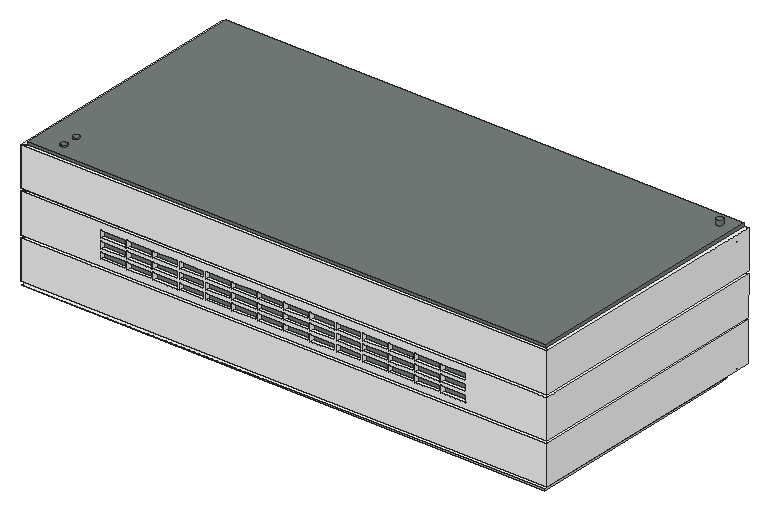
Revit family "AM 800 HC", category Mechanical Equipment, Revit 2019
Family settings
  Round Connector Dimension = Use Diameter
  Part Type = Normal
  OmniClass Number = 23.75.00.00
  OmniClass Title = Climate Control (HVAC)
  Work Plane-Based = No
  Always vertical = Yes
  Cut with Voids When Loaded = No
  Shared = No
  Room Calculation Point = No
Parameters
  Weight (Standard Unit) = 108  # constant formula
  Water Heater Surface Return = 10 mm  # constant formula
  Water Heater Surface IN = 10 mm  # constant formula
  URL = "www.airmaster-as.com"
  Total Width = 1910 mm  # constant formula
  Total Hight = 474 mm  # constant formula
  T-C Duct Exhaust = 252 mm  # constant formula
  T-C Duct Supply = 252 mm  # constant formula
  Suply Air In = 315 mm  # constant formula
  Sidepanlen Middel R [instance] = yes
  Side Panel Top R [instance] = yes
  Side Panel Top L [instance] = yes
  Side Panel Middle L [instance] = yes
  Side Panel Buttom R [instance] = yes
  Side Panel Buttom L [instance] = yes
  R-C Duct Exhaust = 222 mm  # constant formula
  Phase 1 - Max Power Consumption = "4035 W"
  Phase 1 - Max Current = "12 A"
  Nominal current, electrical preheating surface = "6,5 A"
  Nominal current, electrical comfort heating surface = "4,4 A"
  Nominal current, air handling unit = "1,1 A"
  Network Conection = "AWG 24 CAT 5e STP"
  Model = "AM 800 HC"
  Max. flow rate 35 dB(A) with ePM10 80% filters = 580.00 m³  # constant formula
  Max. flow rate 35 dB(A) with ePM10 55% filters = 653.00 m³  # constant formula
  Max. flow rate 35 dB(A) with ePM10 50% filters = 725.00 m³  # constant formula
  Max. flow rate 30 dB(A) with ePM10 80% filters = 520.00 m³  # constant formula
  Max. flow rate 30 dB(A) with ePM10 55% filters = 585.00 m³  # constant formula
  Max. flow rate 30 dB(A) with ePM10 50% filters = 650.00 m³  # constant formula
  Manufacturer = "Airmaster A/S"
  Maintenance [instance] = no
  L-C Duct ESupply = 255 mm  # constant formula
  Exhaust Air = 315 mm  # constant formula
  Total Depth = 916 mm  # constant formula
  Electrical connection = "1 ~ 230 V / N / PE / 50 Hz"
  Drawn By = "LSB"
  Condensate = 9 mm  # constant formula
  Center Panel Buttom [instance] = yes
  Center Panel Top [instance] = yes
  Center Panel Middle [instance] = yes
  BMS Panel = "(PTS) 2x2x0,6"
  BMS Out = "(PTS) 2x2x0,6"
  BMS IN = "(PTS) 2x2x0,6"
  Airflow area [instance] = no
  Air flow area [instance] = Airflow
Reference planes
  plane 1 "Center (Front/Back)": y = 0
  plane 2: z = 0
  plane 3 "Center (Left/Right)": x = 0
  plane 4 "Center L/S": y = -916
  plane 5 "Center L/T": x = -955
  plane 6 "Center L/U": x = 955
  plane 7 "TOP": z = 474
  plane 8 "Center L/V": x = -940
  plane 9 "Center L/W": y = -901
  plane 10 "Center L/X": x = 940
  plane 11 "Panel Buttom": z = 23
  plane 12 "Panel Top": z = 164.5
  plane 13 "Hatch": z = 14.5
  plane 14 "Center L/Z": z = 173.414
  plane 15 "Center L/AA": z = 314.914
  plane 16 "Center L/BB": z = 324.414
  plane 17 "Center L/CC": z = 465.914
Forms (mm)
  Extrusion 1, solid, material "AM Grey"
    sketch origin (0, 0, 0) x (1, 0, 0) y (0, 1, 0)
      loop
        line (-940, 0) -> (-940, -901) -> (940, -901) -> (940, 0) -> (-940, 0)
    from 14.5 to 474
  Extrusion 2, solid, material "AM White", visible <- "Side Panel Buttom L"
    sketch origin (794.5, -1524, 23) x (0, -1, 0) y (-1, 0, 0)
      loop
        line (-1524, 1749.5) -> (-1524, 1734.5) -> (-623, 1734.5) -> (-608, 1749.5) -> (-1524, 1749.5)
    from 0 to -141.5
  Blend 3, solid, material "AM White"
    base sketch origin (-790.646, -1524, 14.5) x (0, -1, 0) y (1, 0, 0)
      loop
        line (-608, -157.387) -> (-608, 1738.657) -> (-1435.677, 1738.657) -> (-1435.677, -157.387) -> (-608, -157.387)
    top sketch origin (-790.646, -1524, 14.5) x (0, -1, 0) y (1, 0, 0)
      loop
        line (-623, -146.037) -> (-623, 1727.646) -> (-1424.161, 1727.646) -> (-1424.161, -146.037) -> (-623, -146.037)
    from 0 to -14.5
  Extrusion 4, void
    sketch origin (1055.25, -916, 173.414) x (1, 0, 0) y (0, 0, -1)
      loop
        line (-1717.75, -118) -> (-1627.75, -118) -> (-1627.75, -93) -> (-1717.75, -93) -> (-1717.75, -118)
      loop
        line (-1717.75, -83) -> (-1627.75, -83) -> (-1627.75, -58) -> (-1717.75, -58) -> (-1717.75, -83)
      loop
        line (-1717.75, -48) -> (-1627.75, -48) -> (-1627.75, -23) -> (-1717.75, -23) -> (-1717.75, -48)
      loop
        line (-1622.75, -118) -> (-1532.75, -118) -> (-1532.75, -93) -> (-1622.75, -93) -> (-1622.75, -118)
      loop
        line (-1622.75, -83) -> (-1532.75, -83) -> (-1532.75, -58) -> (-1622.75, -58) -> (-1622.75, -83)
      loop
        line (-1622.75, -48) -> (-1532.75, -48) -> (-1532.75, -23) -> (-1622.75, -23) -> (-1622.75, -48)
      loop
        line (-1527.75, -118) -> (-1437.75, -118) -> (-1437.75, -93) -> (-1527.75, -93) -> (-1527.75, -118)
      loop
        line (-1527.75, -83) -> (-1437.75, -83) -> (-1437.75, -58) -> (-1527.75, -58) -> (-1527.75, -83)
      loop
        line (-1527.75, -48) -> (-1437.75, -48) -> (-1437.75, -23) -> (-1527.75, -23) -> (-1527.75, -48)
      loop
        line (-1432.75, -118) -> (-1342.75, -118) -> (-1342.75, -93) -> (-1432.75, -93) -> (-1432.75, -118)
      loop
        line (-1432.75, -83) -> (-1342.75, -83) -> (-1342.75, -58) -> (-1432.75, -58) -> (-1432.75, -83)
      loop
        line (-1432.75, -48) -> (-1342.75, -48) -> (-1342.75, -23) -> (-1432.75, -23) -> (-1432.75, -48)
      loop
        line (-1337.75, -118) -> (-1247.75, -118) -> (-1247.75, -93) -> (-1337.75, -93) -> (-1337.75, -118)
      loop
        line (-1337.75, -83) -> (-1247.75, -83) -> (-1247.75, -58) -> (-1337.75, -58) -> (-1337.75, -83)
      loop
        line (-1337.75, -48) -> (-1247.75, -48) -> (-1247.75, -23) -> (-1337.75, -23) -> (-1337.75, -48)
      loop
        line (-1242.75, -118) -> (-1152.75, -118) -> (-1152.75, -93) -> (-1242.75, -93) -> (-1242.75, -118)
      loop
        line (-1242.75, -83) -> (-1152.75, -83) -> (-1152.75, -58) -> (-1242.75, -58) -> (-1242.75, -83)
      loop
        line (-1242.75, -48) -> (-1152.75, -48) -> (-1152.75, -23) -> (-1242.75, -23) -> (-1242.75, -48)
      loop
        line (-1147.75, -118) -> (-1057.75, -118) -> (-1057.75, -93) -> (-1147.75, -93) -> (-1147.75, -118)
      loop
        line (-1147.75, -83) -> (-1057.75, -83) -> (-1057.75, -58) -> (-1147.75, -58) -> (-1147.75, -83)
      loop
        line (-1147.75, -48) -> (-1057.75, -48) -> (-1057.75, -23) -> (-1147.75, -23) -> (-1147.75, -48)
      loop
        line (-1052.75, -118) -> (-962.75, -118) -> (-962.75, -93) -> (-1052.75, -93) -> (-1052.75, -118)
      loop
        line (-1052.75, -83) -> (-962.75, -83) -> (-962.75, -58) -> (-1052.75, -58) -> (-1052.75, -83)
      loop
        line (-1052.75, -48) -> (-962.75, -48) -> (-962.75, -23) -> (-1052.75, -23) -> (-1052.75, -48)
      loop
        line (-957.75, -118) -> (-867.75, -118) -> (-867.75, -93) -> (-957.75, -93) -> (-957.75, -118)
      loop
        line (-957.75, -83) -> (-867.75, -83) -> (-867.75, -58) -> (-957.75, -58) -> (-957.75, -83)
      loop
        line (-957.75, -48) -> (-867.75, -48) -> (-867.75, -23) -> (-957.75, -23) -> (-957.75, -48)
      loop
        line (-862.75, -118) -> (-772.75, -118) -> (-772.75, -93) -> (-862.75, -93) -> (-862.75, -118)
      loop
        line (-862.75, -83) -> (-772.75, -83) -> (-772.75, -58) -> (-862.75, -58) -> (-862.75, -83)
      loop
        line (-862.75, -48) -> (-772.75, -48) -> (-772.75, -23) -> (-862.75, -23) -> (-862.75, -48)
      loop
        line (-767.75, -118) -> (-677.75, -118) -> (-677.75, -93) -> (-767.75, -93) -> (-767.75, -118)
      loop
        line (-767.75, -83) -> (-677.75, -83) -> (-677.75, -58) -> (-767.75, -58) -> (-767.75, -83)
      loop
        line (-767.75, -48) -> (-677.75, -48) -> (-677.75, -23) -> (-767.75, -23) -> (-767.75, -48)
      loop
        line (-672.75, -118) -> (-582.75, -118) -> (-582.75, -93) -> (-672.75, -93) -> (-672.75, -118)
      loop
        line (-672.75, -83) -> (-582.75, -83) -> (-582.75, -58) -> (-672.75, -58) -> (-672.75, -83)
      loop
        line (-672.75, -48) -> (-582.75, -48) -> (-582.75, -23) -> (-672.75, -23) -> (-672.75, -48)
      loop
        line (-577.75, -118) -> (-487.75, -118) -> (-487.75, -93) -> (-577.75, -93) -> (-577.75, -118)
      loop
        line (-577.75, -83) -> (-487.75, -83) -> (-487.75, -58) -> (-577.75, -58) -> (-577.75, -83)
      loop
        line (-577.75, -48) -> (-487.75, -48) -> (-487.75, -23) -> (-577.75, -23) -> (-577.75, -48)
      loop
        line (-482.75, -118) -> (-392.75, -118) -> (-392.75, -93) -> (-482.75, -93) -> (-482.75, -118)
      loop
        line (-482.75, -83) -> (-392.75, -83) -> (-392.75, -58) -> (-482.75, -58) -> (-482.75, -83)
      loop
        line (-482.75, -48) -> (-392.75, -48) -> (-392.75, -23) -> (-482.75, -23) -> (-482.75, -48)
    from 0 to 15
  Extrusion 5, solid, material "AM Grey"
    sketch origin (940, 0, 0) x (0, -1, 0) y (0, 0, -1)
      loop
        circle (48.75, -36.414) r 8
    from 0 to 15
  Extrusion 6, solid, material "AM Grey"
    sketch origin (-940, -878.072, 0.549) x (0, 1, 0) y (0, 0, -1)
      loop
        arc (97.447, -426.641) -> (85.619, -415.215) -> (74.05, -426.903) r 11.7
        arc (74.05, -426.903) -> (85.881, -438.614) -> (97.447, -426.641) r 11.7
    from 0 to 2
  Extrusion 7, solid, material "AM Grey"
    sketch origin (-940, -892.224, 0.658) x (0, 1, 0) y (0, 0, -1)
      loop
        arc (56.677, -428.239) -> (46.918, -415.112) -> (33.131, -423.914) r 12
        arc (33.131, -423.914) -> (42.582, -438.717) -> (56.677, -428.239) r 12
    from 0 to 2
  Extrusion 8, solid, material "AM Grey"
    sketch origin (-940, 0, 0) x (1, 0, 0) y (0, 0, -1)
      loop
        circle (1673, -222) r 157.5
    from 0 to 55
  Extrusion 9, solid, material "AM Grey"
    sketch origin (-785, 0, 0) x (1, 0, 0) y (0, 0, -1)
      loop
        circle (85, -222) r 157.5
    from 0 to 55
  Extrusion 10, solid, material "AM Grey"
    sketch origin (-1697.474, 21.256, 474) x (1, 0, 0) y (0, 1, 0)
      loop
        arc (848.662, -826.53) -> (848, -804.55) -> (847.338, -826.53) r 11
        line (847.338, -826.53) -> (848.662, -826.53)
    from 0 to 2
  Extrusion 11, solid, material "AM Grey"
    sketch origin (-1697.474, 6.881, 474) x (1, 0, 0) y (0, 1, 0)
      loop
        arc (848.662, -867.28) -> (848, -845.3) -> (847.338, -867.28) r 11
        line (847.338, -867.28) -> (848.662, -867.28)
    from 0 to 2
  Extrusion 12, solid, material "Maintenece", visible <- "Maintenance"
    sketch origin (-790.646, -1524, 0) x (1, 0, 0) y (0, -1, 0)
      loop
        line (-164.354, -1524) -> (1745.646, -1524) -> (1745.646, -608) -> (-164.354, -608) -> (-164.354, -1524)
    from 0 to 1200
  Extrusion 13, void
    sketch origin (-955, 0, 23) x (0, 1, 0) y (0, 0, 1)
      loop
        line (-260.5, 116.914) -> (-350.5, 116.914) -> (-350.5, 88.55) -> (-260.5, 88.55) -> (-260.5, 116.914)
      loop
        line (-260.5, 83.55) -> (-350.5, 83.55) -> (-350.5, 55.55) -> (-260.5, 55.55) -> (-260.5, 83.55)
      loop
        line (-260.5, 50.55) -> (-350.5, 50.55) -> (-350.5, 22.55) -> (-260.5, 22.55) -> (-260.5, 50.55)
      loop
        line (-355.5, 116.914) -> (-445.5, 116.914) -> (-445.5, 88.55) -> (-355.5, 88.55) -> (-355.5, 116.914)
      loop
        line (-355.5, 83.55) -> (-445.5, 83.55) -> (-445.5, 55.55) -> (-355.5, 55.55) -> (-355.5, 83.55)
      loop
        line (-355.5, 50.55) -> (-445.5, 50.55) -> (-445.5, 22.55) -> (-355.5, 22.55) -> (-355.5, 50.55)
      loop
        line (-450.5, 116.914) -> (-540.5, 116.914) -> (-540.5, 88.55) -> (-450.5, 88.55) -> (-450.5, 116.914)
      loop
        line (-450.5, 83.55) -> (-540.5, 83.55) -> (-540.5, 55.55) -> (-450.5, 55.55) -> (-450.5, 83.55)
      loop
        line (-450.5, 50.55) -> (-540.5, 50.55) -> (-540.5, 22.55) -> (-450.5, 22.55) -> (-450.5, 50.55)
      loop
        line (-545.5, 116.914) -> (-635.5, 116.914) -> (-635.5, 88.55) -> (-545.5, 88.55) -> (-545.5, 116.914)
      loop
        line (-545.5, 83.55) -> (-635.5, 83.55) -> (-635.5, 55.55) -> (-545.5, 55.55) -> (-545.5, 83.55)
      loop
        line (-545.5, 50.55) -> (-635.5, 50.55) -> (-635.5, 22.55) -> (-545.5, 22.55) -> (-545.5, 50.55)
      loop
        line (-640.5, 116.914) -> (-730.5, 116.914) -> (-730.5, 88.55) -> (-640.5, 88.55) -> (-640.5, 116.914)
      loop
        line (-640.5, 83.55) -> (-730.5, 83.55) -> (-730.5, 55.55) -> (-640.5, 55.55) -> (-640.5, 83.55)
      loop
        line (-640.5, 50.55) -> (-730.5, 50.55) -> (-730.5, 22.55) -> (-640.5, 22.55) -> (-640.5, 50.55)
      loop
        line (-735.5, 116.914) -> (-825.5, 116.914) -> (-825.5, 88.55) -> (-735.5, 88.55) -> (-735.5, 116.914)
      loop
        line (-735.5, 83.55) -> (-825.5, 83.55) -> (-825.5, 55.55) -> (-735.5, 55.55) -> (-735.5, 83.55)
      loop
        line (-735.5, 50.55) -> (-825.5, 50.55) -> (-825.5, 22.55) -> (-735.5, 22.55) -> (-735.5, 50.55)
    from 0 to 15
  Extrusion 14, solid, material "AM Grey"
    sketch origin (0, 0, 474) x (1, 0, 0) y (0, 1, 0)
      loop
        arc (880.766, -33.956) -> (876.81, -38.388) -> (875.622, -44.209) r 11.4
        arc (875.622, -44.209) -> (897.19, -48.612) -> (880.766, -33.956) r 11.4
    from 0 to 15
  Extrusion 15, solid, material "AM Grey"
    sketch origin (940, 0, 0) x (0, -1, 0) y (0, 0, -1)
      loop
        circle (47.646, -447.784) r 8
    from 0 to 15
  Extrusion 16, solid, material "AM Grey"
    sketch origin (-940, 0, 0) x (1, 0, 0) y (0, 0, -1)
      loop
        circle (1813, -35) r 12
    from 0 to 15
  Extrusion 17, solid, material "AM White", visible <- "Sidepanlen Middel R"
    sketch origin (794.5, -1524, 173.414) x (0, -1, 0) y (-1, 0, 0)
      loop
        line (-1524, -160.5) -> (-608, -160.5) -> (-623, -145.5) -> (-1524, -145.5) -> (-1524, -160.5)
    from 0 to -141.5
  Extrusion 18, solid, material "AM White", visible <- "Center Panel Top"
    sketch origin (794.5, -1524, 324.414) x (0, -1, 0) y (-1, 0, 0)
      loop
        line (-608, -160.5) -> (-608, 1749.5) -> (-623, 1734.5) -> (-623, -145.5) -> (-608, -160.5)
    from 0 to -141.5
  Extrusion 19, solid, material "Airflow" <- "Air flow area", visible <- "Airflow area"
    sketch origin (-790.646, -1524, 0) x (1, 0, 0) y (0, -1, 0)
      loop
        line (-164.354, -1524) -> (-164.354, -608) -> (-664.354, -608) -> (-664.354, -1524) -> (-164.354, -1524)
    from 0 to -164.5
  Extrusion 20, solid, material "AM White"
    sketch origin (0, 0, 14.5) x (0, 1, 0) y (1, 0, 0)
      loop
        line (0, 940) -> (-88.323, 940) -> (-88.323, -940) -> (0, -940) -> (0, 940)
    from 0 to 3
  Extrusion 21, solid, material "AM White", visible <- "Side Panel Middle L"
    sketch origin (794.5, -1524, 173.414) x (0, -1, 0) y (-1, 0, 0)
      loop
        line (-1524, 1749.5) -> (-1524, 1734.5) -> (-623, 1734.5) -> (-608, 1749.5) -> (-1524, 1749.5)
    from 0 to -141.5
  Extrusion 22, solid, material "AM White", visible <- "Side Panel Top L"
    sketch origin (794.5, -1524, 324.414) x (0, -1, 0) y (-1, 0, 0)
      loop
        line (-1524, 1749.5) -> (-1524, 1734.5) -> (-623, 1734.5) -> (-608, 1749.5) -> (-1524, 1749.5)
    from 0 to -141.5
  Extrusion 23, solid, material "AM White", visible <- "Side Panel Top R"
    sketch origin (794.5, -1524, 324.414) x (0, -1, 0) y (-1, 0, 0)
      loop
        line (-1524, -160.5) -> (-608, -160.5) -> (-623, -145.5) -> (-1524, -145.5) -> (-1524, -160.5)
    from 0 to -141.5
  Extrusion 24, solid, material "AM White", visible <- "Side Panel Buttom R"
    sketch origin (794.5, -1524, 23) x (0, -1, 0) y (-1, 0, 0)
      loop
        line (-1524, -160.5) -> (-608, -160.5) -> (-623, -145.5) -> (-1524, -145.5) -> (-1524, -160.5)
    from 0 to -141.5
  Extrusion 25, solid, material "AM White"
    sketch origin (794.5, -1524, 173.414) x (0, -1, 0) y (-1, 0, 0)
      loop
        line (-608, -160.5) -> (-608, 1749.5) -> (-623, 1734.5) -> (-623, -145.5) -> (-608, -160.5)
    from 0 to -141.5
  Extrusion 26, solid, material "AM White", visible <- "Center Panel Buttom"
    sketch origin (794.5, -1524, 23) x (0, -1, 0) y (-1, 0, 0)
      loop
        line (-608, -160.5) -> (-608, 1749.5) -> (-623, 1734.5) -> (-623, -145.5) -> (-608, -160.5)
    from 0 to -141.5
Cuts and joins
  Extrusion 4, Extrusion 13 cuts Extrusion 1
  Extrusion 4, Extrusion 13 cuts Extrusion 2
  Extrusion 4 cuts Extrusion 17
  Extrusion 4 cuts Extrusion 18
  Extrusion 4 cuts Extrusion 25
Dimensions and locks
  "Total Depth": plane 4 "Center L/S" to plane 1 "Center (Front/Back)"
  equal spacing: plane 5 "Center L/T", plane 3 "Center (Left/Right)", plane 6 "Center L/U"
  "Total Width": plane 5 "Center L/T" to plane 6 "Center L/U"
  "Total Hight": plane 7 "TOP" to level
  locked: plane 10 "Center L/X" to plane 6 "Center L/U" at 15
  locked: plane 4 "Center L/S" to plane 9 "Center L/W" at 15
  locked: plane 5 "Center L/T" to plane 8 "Center L/V" at 15
  Extrusion 1 to Blend 3 sketch curve = 99.839 mm
  "R-C Duct Exhaust": plane 6 "Center L/U" to Extrusion 8 sketch curve
  "T-C Duct Exhaust": Extrusion 8 sketch curve to cut or joined group of Extrusion 1, Extrusion 4, Extrusion 13
  "T-C Duct Supply": Extrusion 9 sketch curve to plane 7 "TOP"
  "L-C Duct ESupply": Extrusion 9 sketch curve to plane 5 "Center L/T"
  Extrusion 16 sketch curve to plane 5 "Center L/T" = 1828 mm
  Extrusion 16 sketch curve to plane 7 "TOP" = 439 mm
  nested 3 to plane 5 "Center L/T" = 550 mm
  aligned and locked: level to plane 2
  aligned and locked: plane 1 "Center (Front/Back)" to Extrusion 1 sketch curve
  aligned and locked: Extrusion 1 sketch curve to plane 8 "Center L/V"
  aligned and locked: Extrusion 1 sketch curve to plane 9 "Center L/W"
  aligned and locked: Extrusion 1 sketch curve to plane 10 "Center L/X"
  aligned and locked: plane 7 "TOP" to Extrusion 1
  aligned and locked: plane 5 "Center L/T" to Extrusion 2 sketch curve
  aligned and locked: Extrusion 2 sketch curve to Extrusion 1
  aligned and locked: Extrusion 2 to plane 12 "Panel Top"
  aligned and locked: Blend 3 to plane 2
  aligned and locked: Extrusion 1 to plane 13 "Hatch"
  aligned and locked: Extrusion 12 sketch curve to cut or joined group of Extrusion 2, Extrusion 4, Extrusion 13  (x2)
  aligned and locked: Extrusion 17 to plane 15 "Center L/AA"
  aligned and locked: Extrusion 18 to plane 17 "Center L/CC"
Automatic sketch dimensions
  plane 1 "Center (Front/Back)" to Extrusion 2 sketch curve = 0 mm
  Extrusion 2 sketch curve to plane 9 "Center L/W" = 0 mm
  plane 4 "Center L/S" to Extrusion 2 sketch curve = 0 mm
  plane 4 "Center L/S" to Blend 3 sketch curve = 0 mm
  Blend 3 sketch curve to plane 6 "Center L/U" = 6.989 mm
  plane 1 "Center (Front/Back)" to Blend 3 sketch curve = 88.323 mm
  plane 5 "Center L/T" to Blend 3 sketch curve = 6.967 mm
  Blend 3 sketch curve to plane 9 "Center L/W" = 0 mm
  plane 8 "Center L/V" to Blend 3 sketch curve = 3.316 mm
  Blend 3 sketch curve to plane 10 "Center L/X" = 3 mm
  plane 17 "Center L/CC" to Extrusion 4 sketch curve = 174.5 mm  (x2)
  plane 8 "Center L/V" to Extrusion 4 sketch curve = 277.5 mm
  Extrusion 4 sketch curve to Extrusion 4 sketch curve = 0 mm  (x86)
  Extrusion 4 sketch curve to Extrusion 4 sketch curve = 90 mm  (x13)
  Extrusion 4 sketch curve to Extrusion 4 sketch curve = 5 mm  (x36)
  Extrusion 4 sketch curve to plane 3 "Center (Left/Right)" = 2.5 mm  (x3)
  plane 3 "Center (Left/Right)" to Extrusion 4 sketch curve = 2.5 mm  (x3)
  Extrusion 4 sketch curve to Extrusion 4 sketch curve = 25 mm  (x10)
  Extrusion 4 sketch curve to Extrusion 4 sketch curve = 10 mm  (x9)
  plane 16 "Center L/BB" to Extrusion 4 sketch curve = 128 mm  (x5)
  Extrusion 1 to Extrusion 5 sketch curve = 21.914 mm
  Extrusion 1 to Extrusion 5 sketch curve = 48.75 mm
  Extrusion 6 sketch curve to Extrusion 6 sketch curve = 0 mm  (x2)
  Extrusion 1 to Extrusion 6 sketch curve = 46.537 mm
  Extrusion 6 sketch curve to Extrusion 1 = 108.678 mm
  Extrusion 6 sketch curve to Extrusion 6 sketch curve = 11.7 mm
  Extrusion 6 sketch curve to Extrusion 6 sketch curve = 11.697 mm
  Extrusion 6 sketch curve to Extrusion 6 sketch curve = 0.011 mm
  Extrusion 7 sketch curve to Extrusion 7 sketch curve = 0 mm  (x2)
  Extrusion 7 sketch curve to Extrusion 1 = 53.526 mm
  Extrusion 1 to Extrusion 7 sketch curve = 46.428 mm
  Extrusion 7 sketch curve to Extrusion 7 sketch curve = 11.619 mm
  Extrusion 7 sketch curve to Extrusion 7 sketch curve = 11.927 mm
  Extrusion 7 sketch curve to Extrusion 7 sketch curve = 1.325 mm
  Extrusion 10 sketch curve to Extrusion 1 = 89.864 mm
  Extrusion 10 sketch curve to Extrusion 10 sketch curve = 0.662 mm
  Extrusion 10 sketch curve to Extrusion 1 = 95.726 mm
  Extrusion 10 sketch curve to Extrusion 10 sketch curve = 10.98 mm
  Extrusion 11 sketch curve to Extrusion 1 = 89.864 mm
  Extrusion 11 sketch curve to Extrusion 11 sketch curve = 0.662 mm
  Extrusion 11 sketch curve to Extrusion 1 = 40.601 mm
  Extrusion 11 sketch curve to Extrusion 11 sketch curve = 10.98 mm
  Extrusion 12 sketch curve to Blend 3 = 18 mm
  Extrusion 12 sketch curve to Blend 3 = 15 mm
  Extrusion 13 sketch curve to Extrusion 2 = 22.55 mm  (x2)
  Extrusion 2 to Extrusion 13 sketch curve = 90.5 mm
  Extrusion 13 sketch curve to Extrusion 13 sketch curve = 0 mm  (x33)
  Extrusion 13 sketch curve to Extrusion 13 sketch curve = 90 mm  (x6)
  Extrusion 13 sketch curve to Extrusion 13 sketch curve = 5 mm  (x21)
  Extrusion 13 sketch curve to Extrusion 13 sketch curve = 28 mm  (x6)
  Extrusion 13 sketch curve to Extrusion 2 = 24.586 mm  (x3)
  Extrusion 14 sketch curve to Extrusion 14 sketch curve = 0 mm  (x2)
  Extrusion 14 sketch curve to Extrusion 1 = 53 mm
  Extrusion 14 sketch curve to Extrusion 1 = 43.5 mm
  Extrusion 14 sketch curve to Extrusion 14 sketch curve = 6.234 mm
  Extrusion 14 sketch curve to Extrusion 14 sketch curve = 11.378 mm
  Extrusion 14 sketch curve to Extrusion 14 sketch curve = 0.709 mm
  Extrusion 1 to Extrusion 15 sketch curve = 47.646 mm
  Extrusion 1 to Extrusion 15 sketch curve = 26.216 mm
  plane 1 "Center (Front/Back)" to Extrusion 17 sketch curve = 0 mm
  plane 9 "Center L/W" to Extrusion 17 sketch curve = 0 mm
  plane 4 "Center L/S" to Extrusion 17 sketch curve = 0 mm
  Extrusion 17 sketch curve to plane 10 "Center L/X" = 0 mm
  Extrusion 17 sketch curve to plane 6 "Center L/U" = 0 mm
  plane 9 "Center L/W" to Extrusion 18 sketch curve = 0 mm
  plane 4 "Center L/S" to Extrusion 18 sketch curve = 0 mm
  Extrusion 18 sketch curve to plane 5 "Center L/T" = 0 mm
  Extrusion 18 sketch curve to plane 8 "Center L/V" = 0 mm
  Extrusion 18 sketch curve to plane 10 "Center L/X" = 0 mm
  Extrusion 18 sketch curve to plane 6 "Center L/U" = 0 mm
  Extrusion 19 sketch curve to Blend 3 = 99.839 mm
  Extrusion 19 sketch curve to Blend 3 = 518.316 mm
  Extrusion 19 sketch curve to Blend 3 = 18.316 mm
  Extrusion 19 sketch curve to Blend 3 = 15 mm
  Extrusion 20 sketch curve to Extrusion 1 = 0 mm  (x2)
  Extrusion 1 to Extrusion 20 sketch curve = 0 mm
  Extrusion 1 to Extrusion 20 sketch curve = 88.323 mm
  plane 1 "Center (Front/Back)" to Extrusion 21 sketch curve = 0 mm
  Extrusion 21 sketch curve to plane 8 "Center L/V" = 0 mm
  Extrusion 21 sketch curve to plane 9 "Center L/W" = 0 mm
  plane 4 "Center L/S" to Extrusion 21 sketch curve = 0 mm
  Extrusion 21 sketch curve to plane 5 "Center L/T" = 0 mm
  plane 1 "Center (Front/Back)" to Extrusion 22 sketch curve = 0 mm
  Extrusion 22 sketch curve to plane 8 "Center L/V" = 0 mm
  Extrusion 22 sketch curve to plane 9 "Center L/W" = 0 mm
  plane 4 "Center L/S" to Extrusion 22 sketch curve = 0 mm
  Extrusion 22 sketch curve to plane 5 "Center L/T" = 0 mm
  plane 1 "Center (Front/Back)" to Extrusion 23 sketch curve = 0 mm
  plane 9 "Center L/W" to Extrusion 23 sketch curve = 0 mm
  plane 4 "Center L/S" to Extrusion 23 sketch curve = 0 mm
  Extrusion 23 sketch curve to plane 10 "Center L/X" = 0 mm
  Extrusion 23 sketch curve to plane 6 "Center L/U" = 0 mm
  plane 1 "Center (Front/Back)" to Extrusion 24 sketch curve = 0 mm
  plane 9 "Center L/W" to Extrusion 24 sketch curve = 0 mm
  plane 4 "Center L/S" to Extrusion 24 sketch curve = 0 mm
  Extrusion 24 sketch curve to plane 10 "Center L/X" = 0 mm
  Extrusion 24 sketch curve to plane 6 "Center L/U" = 0 mm
  plane 9 "Center L/W" to Extrusion 25 sketch curve = 0 mm
  plane 4 "Center L/S" to Extrusion 25 sketch curve = 0 mm
  Extrusion 25 sketch curve to plane 5 "Center L/T" = 0 mm
  Extrusion 25 sketch curve to plane 8 "Center L/V" = 0 mm
  Extrusion 25 sketch curve to plane 10 "Center L/X" = 0 mm
  Extrusion 25 sketch curve to plane 6 "Center L/U" = 0 mm
  plane 9 "Center L/W" to Extrusion 26 sketch curve = 0 mm
  plane 4 "Center L/S" to Extrusion 26 sketch curve = 0 mm
  Extrusion 26 sketch curve to plane 5 "Center L/T" = 0 mm
  Extrusion 26 sketch curve to plane 8 "Center L/V" = 0 mm
  Extrusion 26 sketch curve to plane 10 "Center L/X" = 0 mm
  Extrusion 26 sketch curve to plane 6 "Center L/U" = 0 mm
  radius of Extrusion 5 sketch curve = 8 mm
  radius of Extrusion 8 sketch curve = 157.5 mm
  radius of Extrusion 9 sketch curve = 157.5 mm
  radius of Extrusion 15 sketch curve = 8 mm
  radius of Extrusion 16 sketch curve = 12 mm
Nested families
  nested 1: "Model Label 2019" at (3.75, -361.924, 0), Label <- "Model", type "Model Label 2019"
    with Label "AM 800 HC"
  nested 2: "indblæssymbol" at (11.742, -966, 0) x (0, -1, 0) z (0, 0, 1), type "indblæssymbol"
    with dX_ 609 mm, dX 609 mm, ang2D 0.00°
  nested 3: "Pil Indtag" at (-1505, -460, 0), type "Pil Indtag"
    with dX_ 609 mm, dX 609 mm, ang2D 0.00°
Connectors
  piping at (-942, -847.32, 426.735), diameter 10, driven by "Water Heater Surface IN"
    settings: on Extrusion 7, index 6, connector inside diameter 609.6 mm, connector length 0 mm, flow factor 0, pipe flow 0.0 L/s, pressure drop 0.0 Pa, fitting loss kfactor 0, connector angle 0.00°, fixture units 0, engagement length 0 mm, angle of deflection 0.00°, flow configuration 0, flow direction 1, fitting loss method 0, system type 7, joint type 0, gender type 0, connector reference index -1, connector utility 0, adjustable connector no, is connector primary yes, connector description ""
  piping at (-942, -792.324, 427.321), diameter 10, driven by "Water Heater Surface Return"
    settings: on Extrusion 6, index 7, connector inside diameter 609.6 mm, connector length 0 mm, flow factor 0, pipe flow 0.0 L/s, pressure drop 0.0 Pa, fitting loss kfactor 0, connector angle 0.00°, fixture units 0, engagement length 0 mm, angle of deflection 0.00°, flow configuration 0, flow direction 2, fitting loss method 0, system type 8, joint type 0, gender type 0, connector reference index -1, connector utility 0, adjustable connector no, is connector primary no, connector description ""
  piping at (-849.474, -860.399, 476), diameter 10, driven by "Water Heater Surface IN"
    settings: on Extrusion 11, index 11, connector inside diameter 609.6 mm, connector length 0 mm, flow factor 0, pipe flow 0.0 L/s, pressure drop 0.0 Pa, fitting loss kfactor 0, connector angle 0.00°, fixture units 0, engagement length 0 mm, angle of deflection 0.00°, flow configuration 0, flow direction 0, fitting loss method 0, system type 19, joint type 0, gender type 0, connector reference index -1, connector utility 0, adjustable connector no, is connector primary no, connector description ""
  piping at (-849.474, -805.274, 476), diameter 10, driven by "Water Heater Surface Return"
    settings: on Extrusion 10, index 12, connector inside diameter 609.6 mm, connector length 0 mm, flow factor 0, pipe flow 0.0 L/s, pressure drop 0.0 Pa, fitting loss kfactor 0, connector angle 0.00°, fixture units 0, engagement length 0 mm, angle of deflection 0.00°, flow configuration 0, flow direction 0, fitting loss method 0, system type 19, joint type 0, gender type 0, connector reference index -1, connector utility 0, adjustable connector no, is connector primary no, connector description ""
  electrical at (955, -47.646, 447.784)
    settings: on Extrusion 15, index 13, voltage 230 V, apparent load 0 VA, apparent load phase1 0 VA, apparent load phase2 0 VA, apparent load phase3 0 VA, power factor 0.56, load classification "Other", number of poles 1, system type 30, power factor state 1, is connector primary yes, connector utility no, sub classification motor no, connector description ""
  electrical at (878.194, -39.082, 489)
    settings: on Extrusion 14, index 14, voltage 230 V, apparent load 0 VA, apparent load phase1 0 VA, apparent load phase2 0 VA, apparent load phase3 0 VA, power factor 0.56, load classification "Other", number of poles 1, system type 30, power factor state 1, is connector primary no, connector utility no, sub classification motor no, connector description ""
  piping at (955, -48.75, 36.414), diameter 9, driven by "Condensate"
    settings: on Extrusion 5, index 15, connector inside diameter 609.6 mm, connector length 0 mm, flow factor 0, pipe flow 0.0 L/s, pressure drop 0.0 Pa, fitting loss kfactor 0, connector angle 0.00°, fixture units 0, engagement length 0 mm, angle of deflection 0.00°, flow configuration 0, flow direction 0, fitting loss method 0, system type 16, joint type 0, gender type 0, connector reference index -1, connector utility 0, adjustable connector no, is connector primary no, connector description ""
  piping at (873, 15, 35), diameter 9, driven by "Condensate"
    settings: on Extrusion 16, index 16, connector inside diameter 609.6 mm, connector length 0 mm, flow factor 0, pipe flow 0.0 L/s, pressure drop 0.0 Pa, fitting loss kfactor 0, connector angle 0.00°, fixture units 0, engagement length 0 mm, angle of deflection 0.00°, flow configuration 0, flow direction 0, fitting loss method 0, system type 16, joint type 0, gender type 0, connector reference index -1, connector utility 0, adjustable connector no, is connector primary no, connector description ""
  hvac at (-700, 0, 222), driven by "Suply Air In"
    settings: on Extrusion 9, index 17, duct flow 0.0 L/s, flow factor 0, pres drop 0.0 Pa, loss coef 0, conn angle 0.00°, conn width 304.8 mm, conn height 304.8 mm, conn diameter 315 mm, duct sys type 1, conn prof type 0, flow config 0, flow direction 1, loss method 0, conn ref index -1, conn util no, is conn primary yes, conn desc ""
  hvac at (733, 0, 222), driven by "Exhaust Air"
    settings: on Extrusion 8, index 18, duct flow 0.0 L/s, flow factor 0, pres drop 0.0 Pa, loss coef 0, conn angle 0.00°, conn width 304.8 mm, conn height 304.8 mm, conn diameter 315 mm, duct sys type 3, conn prof type 0, flow config 0, flow direction 2, loss method 0, conn ref index -1, conn util no, is conn primary no, conn desc ""
Definition of nested family "Model Label 2019"
  Parameters (values of type "Model Label 2019")
    Label [instance] = ""
  Reference planes
    plane 1: y = 0
    plane 2: x = 0
  Text (mm)
    label "Label" at (-0.131, 0.049, 0), shows "Label"
Definition of nested family "indblæssymbol"
  Parameters (values of type "indblæssymbol")
    dX_ [instance] = if(dX = 0 mm, 1 mm, dX)  # 609 mm
    dX [instance] = 609 mm
    ang2D [instance] = 0.00°
    Type Comments = "DO NOT CHANGE dX value from 608 mm ( 2 ft )"
    Afstand pil = 50 mm
  Reference planes
    plane 1 "Center (Front/Back)": y = 0
    plane 2: z = 0
    plane 3 "Center (Left/Right)": x = 0
  Lines and regions (mm)
    Filled region 1, type "Concrete", in view "Ref. Level"
      outline origin (50.005, 0, 0) x (1, 0, 0) y (0, 1, 0)
        loop
          line (399.995, 0.414) -> (301.442, 17.365) -> (301.588, -17.365) -> (399.995, 0.414)
    reference lines, in view "Ref. Level"
      curve 1: line (50, 134.129, 0) -> (50, -145.871, 0)
    detail lines, in view "Ref. Level"
      curve 2: line (351.52, 0, 0) -> (50, 0, 0)
  Dimensions and locks
    "Afstand pil": plane 3 "Center (Left/Right)" to curve 1
    curve 1 to Filled region 1 = 400 mm
  Automatic sketch dimensions
    Filled region 1 sketch curve to plane 1 "Center (Front/Back)" = 0.414 mm
    plane 3 "Center (Left/Right)" to Filled region 1 sketch curve = 450 mm
    plane 1 "Center (Front/Back)" to Filled region 1 sketch curve = 17.365 mm
    Filled region 1 sketch curve to Filled region 1 sketch curve = 98.407 mm
    Filled region 1 sketch curve to plane 1 "Center (Front/Back)" = 17.365 mm
    Filled region 1 sketch curve to Filled region 1 sketch curve = 0.146 mm
    plane 1 "Center (Front/Back)" to curve 2 = 0 mm
    plane 3 "Center (Left/Right)" to curve 2 = 50 mm
    curve 2 to curve 2 = 301.52 mm
    plane 1 "Center (Front/Back)" to curve 1 = 145.871 mm
    curve 1 to plane 1 "Center (Front/Back)" = 134.129 mm
Definition of nested family "Pil Indtag"
  Parameters (values of type "Pil Indtag")
    dX_ [instance] = if(dX = 0 mm, 1 mm, dX)  # 609 mm
    dX [instance] = 609 mm
    ang2D [instance] = 0.00°
    Type Comments = "DO NOT CHANGE dX value from 608 mm ( 2 ft )"
    Afstand pil = 50 mm
  Reference planes
    plane 1 "Center (Front/Back)": y = 0
    plane 2: z = 0
    plane 3 "Center (Left/Right)": x = 0
    plane 4: x = 500
  Lines and regions (mm)
    Filled region 1, type "Concrete", in view "Ref. Level"
      outline origin (0, 0, 0) x (1, 0, 0) y (0, 1, 0)
        loop
          line (499.552, 0) -> (401.072, 17.365) -> (401.072, -17.365) -> (499.552, 0)
    reference lines, in view "Ref. Level"
      curve 1: line (50, 134.129, 0) -> (50, -145.871, 0)
    detail lines, in view "Ref. Level", not visible
      curve 2: arc (335, 0, 0) -> (385.559, -50.321, 0) -> (434.999, 1.101, 0) r 50.01
      curve 3: arc (335, 0, 0) -> (285.666, 52.633, 0) -> (235.069, 1.212, 0) r 50.01
      curve 4: line (434.999, 1.101, 0) -> (434.999, 21.156, 0)
      curve 5: line (235.069, 1.212, 0) -> (235.069, -18.844, 0)
    detail lines, in view "Ref. Level"
      curve 6: arc (225.332, 0, 0) -> (272.332, -35.211, 0) -> (294.114, 19.326, 0) r 36.995
      curve 7: arc (225.206, 0, 0) -> (173.868, 30.307, 0) -> (156.85, -26.829, 0) r 37.835
      curve 8: line (499.552, 0, 0) -> (401.072, 17.365, 0)
      curve 9: line (401.072, 17.365, 0) -> (401.072, -17.365, 0)
      curve 10: line (401.072, -17.365, 0) -> (499.552, 0, 0)
      curve 11: line (499.552, 0, 0) -> (-15.448, 0, 0)
  Dimensions and locks
    "Afstand pil": plane 3 "Center (Left/Right)" to curve 1
    plane 3 "Center (Left/Right)" to plane 4 = 500 mm
  Automatic sketch dimensions
    plane 1 "Center (Front/Back)" to Filled region 1 sketch curve = 0 mm
    Filled region 1 sketch curve to plane 4 = 0.448 mm
    plane 1 "Center (Front/Back)" to Filled region 1 sketch curve = 17.365 mm
    Filled region 1 sketch curve to plane 4 = 98.928 mm
    Filled region 1 sketch curve to plane 1 "Center (Front/Back)" = 17.365 mm
    plane 1 "Center (Front/Back)" to curve 11 = 0 mm
    plane 1 "Center (Front/Back)" to curve 7 = 4.913 mm
    plane 3 "Center (Left/Right)" to curve 7 = 187.691 mm
    curve 6 to plane 1 "Center (Front/Back)" = 0.405 mm
    curve 7 to curve 6 = 74.634 mm
    curve 9 to plane 1 "Center (Front/Back)" = 17.365 mm
    curve 9 to plane 4 = 98.928 mm
    curve 11 to plane 4 = 0.448 mm
    plane 1 "Center (Front/Back)" to curve 10 = 17.365 mm
    curve 7 to curve 7 = 30.842 mm
    curve 11 to plane 3 "Center (Left/Right)" = 15.448 mm
    curve 7 to curve 6 = 37.119 mm
    curve 7 to curve 6 = 0.126 mm
    curve 6 to plane 1 "Center (Front/Back)" = 19.326 mm
    plane 1 "Center (Front/Back)" to curve 1 = 145.871 mm
    curve 1 to plane 1 "Center (Front/Back)" = 134.129 mm
